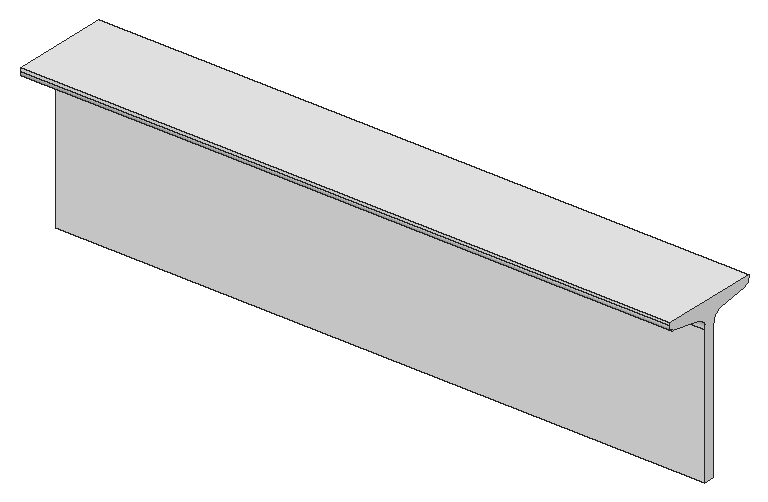
Revit family "M_ST Formas", category Quadro estrutural, Revit 2019
Family settings
  Arredondamento do comprimento do framing estrutural = 0.10 mm
  Forma do corte = Flange inclinado dividido em I
  Material para o comportamento do modelo = Aço
  Exportar sempre como geometria = Não
  Family Name Key = M_ST Shapes
  Nome do código = AISC 14.1
  Número OmniClass = 23.25.30.11.14.14
  Título OmniClass = Beams
  ID de item do Seek = ST-Shapes-0000-CAN-ENU
  Sempre na vertical = Sim
  Corte com vazios quando carregada = Não
  Representação simbólica = Das configurações de projeto
  Compartilhado = Não
  Exibir o pré-corte da família na vista da planta = Sim
Parameters (values of type "ST305X74.5")
  Largura = 184.00 mm
  Espessura da teia = 18.90 mm
  Concordância da teia = 22.1000 mm
  Constante da empena = 5240000000.0 mm6
  Momento de inércia de torção = 1570000.00 mm4
  Structural Material [instance] = Aço, 45-345
  Ângulo inclinado da flange = 9.46234°
  Chave do nome do corte = ""
  Section Area = 9480.0 mm²
  Plastic Modulus weak axis = 197000.0 mm³
  Plastic Modulus strong axis = 778000.0 mm³
  Nominal Weight = 730.59 N/m
  Moment of Inertia weak axis = 986 cm⁴
  Moment of Inertia strong axis = 8950 cm⁴
  Height = 305.00 mm
  Flange Thickness Location = 41.275 mm
  Flange Thickness = 22.1 mm
  Flange Fillet = 11.05 mm
  Elastic Modulus weak axis = 107000.0 mm³
  Elastic Modulus strong axis = 431000.0 mm³
  Centroid Vertical = 207.50 mm
  Centroid Horizontal = Largura / 2  # 92 mm
  Bolt Spacing = 101.6 mm
  Assembly Code = ""
  Length [instance] = 1500.00 mm
Types (2, lengths in mm): name | Largura | Espessura da teia | Concordância da teia | Constante da empena | Momento de inércia de torção | Section Area | Plastic Modulus weak axis | Plastic Modulus strong axis | Nominal Weight | Moment of Inertia weak axis | Moment of Inertia strong axis | Height | Flange Thickness Location | Flange Thickness | Flange Fillet | Elastic Modulus weak axis | Elastic Modulus strong axis | Centroid Vertical | Centroid Horizontal | Bolt Spacing
  ST305X74.5 | 184.00 | 18.90 | 22.1000 | 5240000000.0 mm6 | 1570000.00 mm4 | 9480.0 mm² | 197000.0 mm³ | 778000.0 mm³ | 730.59 N/m | 986 cm⁴ | 8950 cm⁴ | 305.00 | 41.275 | 22.1 | 11.05 | 107000.0 mm³ | 431000.0 mm³ | 207.50 | 92 | 101.6
  ST230X52 | 159.00 | 18.10 | 17.6000 | 1890000000.0 mm6 | 841000.00 mm4 | 6650.0 mm² | 117000.0 mm³ | 411000.0 mm³ | 509.94 N/m | 499 cm⁴ | 3520 cm⁴ | 229.00 | 35.225 | 17.6 | 8.8 | 62900.0 mm³ | 229000.0 mm³ | 154.30 | 79.5 | 88.9
Reference planes
  plane 1 "Centro (Frente/Trás)": y = 0
  plane 2: z = 0
  plane 3 "Centro (Esquerda/Direita)": x = 4.61
  plane 4 "Membro esquerdo": x = -604.99
  plane 5 "Membro direito": x = 614.21
  plane 6: y = 92
  plane 7: y = -92
  plane 8 "Direita": x = 766.61
  plane 9 "Esquerda": x = -733.39
  plane 10: z = 97.5
  plane 11: z = -207.5
  plane 12: y = 9.45
  plane 13: y = -9.45
Forms (mm)
  Sweep 1, solid, material "Aço, 45-345" <- "Structural Material", detail levels fine
    path origin (0, 0, 0) x (1, 0, 0) y (0, 1, 0)
      loop
        line (-604.99, 0) -> (614.21, 0)
    profile "ST-Forma-Perfil-Fino : ST-Forma-Perfil-Fino" origin (4.61, 0, 0) x (0, 1, 0) y (0, 0, 1)
      loop
        line (92, 91.64) -> (92, 97.5) -> (-92, 97.5) -> (-92, 91.64)
        arc (-92, 91.64) -> (-89.381, 84.497) -> (-82.767, 80.74) r 11.05
        line (-82.767, 80.74) -> (-50.725, 75.4) -> (-27.917, 71.599)
        arc (-27.917, 71.599) -> (-14.687, 64.084) -> (-9.45, 49.799) r 22.1
        line (-9.45, 49.799) -> (-9.45, -207.5) -> (9.45, -207.5) -> (9.45, 49.799)
        arc (9.45, 49.799) -> (14.687, 64.084) -> (27.917, 71.599) r 22.1
        line (27.917, 71.599) -> (50.725, 75.4) -> (82.767, 80.74)
        arc (82.767, 80.74) -> (89.381, 84.497) -> (92, 91.64) r 11.05
  Sweep 2, solid, material "Aço, 45-345" <- "Structural Material", detail levels medium
    path origin (0, 0, 0) x (1, 0, 0) y (0, 1, 0)
      loop
        line (-604.99, 0) -> (614.21, 0)
    profile "ST-Forma-Perfil-Médio : ST-Forma-Perfil-Médio" origin (4.61, 0, 0) x (0, 1, 0) y (0, 0, 1)
      loop
        line (92, 82.279) -> (92, 97.5) -> (-92, 97.5) -> (-92, 82.279) -> (-50.725, 75.4) -> (-9.45, 68.521) -> (-9.45, -207.5) -> (9.45, -207.5) -> (9.45, 68.521) -> (50.725, 75.4) -> (92, 82.279)
Lines and regions (mm)
  symbolic lines, style "Faces ocultas", detail levels medium+fine
    curve 1: line (-604.99, 9.45, 0) -> (614.21, 9.45, 0)
    curve 2: line (614.21, -9.45, 0) -> (-604.99, -9.45, 0)
  symbolic lines, style "Símbolos de vara", detail levels coarse
    curve 3: line (-733.39, -92, 97.5) -> (-733.39, 92, 97.5)
    curve 4: line (-733.39, 0, 97.5) -> (-733.39, 0, -207.5)
Dimensions and locks
  "Largura": plane 6 to plane 7
  equal spacing: plane 6, plane 1 "Centro (Frente/Trás)", plane 7
  "Length": plane 9 "Esquerda" to plane 8 "Direita"
  "Height": plane 10 to plane 11
  equal spacing: plane 13, plane 1 "Centro (Frente/Trás)", plane 12
  "Espessura da teia": plane 13 to plane 12
  "Centroid Vertical": level to plane 11
  aligned and locked: curve 4 to plane 1 "Centro (Frente/Trás)"
  aligned and locked: plane 4 "Membro esquerdo" to curve 1
  aligned and locked: plane 5 "Membro direito" to curve 1
  aligned and locked: plane 4 "Membro esquerdo" to curve 2
  aligned and locked: plane 5 "Membro direito" to curve 2
  aligned and locked: plane 4 "Membro esquerdo" to Sweep 1 sketch curve
  aligned and locked: plane 1 "Centro (Frente/Trás)" to Sweep 1 sketch curve
  aligned and locked: plane 5 "Membro direito" to Sweep 1 sketch curve
  aligned and locked: plane 4 "Membro esquerdo" to Sweep 2 sketch curve
  aligned and locked: plane 1 "Centro (Frente/Trás)" to Sweep 2 sketch curve
  aligned and locked: plane 5 "Membro direito" to Sweep 2 sketch curve
  aligned and locked: plane 10 to curve 3
  aligned and locked: plane 12 to curve 1
  aligned and locked: curve 2 to plane 13
  aligned and locked: plane 11 to curve 4
  aligned and locked: plane 10 to curve 4
Automatic sketch dimensions
  curve 3 to plane 6 = 0.00 mm
  curve 3 to plane 7 = 0.00 mm
Types in the file's own list only (26): name | Largura | Espessura da teia | Concordância da teia | Constante da empena | Momento de inércia de torção | Ângulo inclinado da flange | Chave do nome do corte | Área de corte | Eixo fraco do módulo plástico | Eixo forte do módulo plástico | Peso nominal | Eixo fraco do momento de inércia | Eixo forte do momento de inércia | Altura | Localização da espessura do flange | Espessura do flange | Concordância do flange | Eixo fraco do módulo de elasticidade | Eixo forte do módulo de elasticidade | Centróide vertical | Centróide horizontal | Espaçamento do parafuso
  ST305X90 | 204.0000 mm | 20.3000 mm | 27.7000 mm | 7380000000.0 mm6 | 2660000.00 mm4 | 9.46° | "ST 12X60.5" | 11500.0 mm² | 297000.0 mm³ | 893000.0 mm³ | 90.00 kgf/m | 17300000.00 mm4 | 108000000.00 mm4 | 312.0000 mm | 45.9250 mm | 27.7000 mm | 13.8500 mm | 169000.0 mm³ | 493000.0 mm³ | 219.8000 mm | 102.0000 mm | 101.6 mm
  ST305X79 | 200.0000 mm | 15.7000 mm | 27.7000 mm | 4030000000.0 mm6 | 2100000.00 mm4 | 9.46° | "ST 12X53" | 10100.0 mm² | 274000.0 mm³ | 710000.0 mm³ | 79.00 kgf/m | 16000000.00 mm4 | 89900000.00 mm4 | 312.0000 mm | 46.0750 mm | 27.7000 mm | 13.8500 mm | 160000.0 mm³ | 395000.0 mm³ | 228.7000 mm | 100.0000 mm | 101.6 mm
  ST305X67 | 181.0000 mm | 15.9000 mm | 22.1000 mm | 3250000000.0 mm6 | 1250000.00 mm4 | 9.46° | "ST 12X45" | 8520.0 mm² | 184000.0 mm³ | 674000.0 mm³ | 67.00 kgf/m | 9280000.00 mm4 | 79100000.00 mm4 | 305.0000 mm | 41.2750 mm | 22.1000 mm | 11.0500 mm | 103000.0 mm³ | 370000.0 mm³ | 213.6000 mm | 90.5000 mm | 101.6 mm
  ST305X59.5 | 178.0000 mm | 12.7000 mm | 22.1000 mm | 1860000000.0 mm6 | 1020000.00 mm4 | 9.46° | "ST 12X40" | 7550.0 mm² | 170000.0 mm³ | 551000.0 mm³ | 59.50 kgf/m | 8740000.00 mm4 | 67400000.00 mm4 | 305.0000 mm | 41.3250 mm | 22.1000 mm | 11.0500 mm | 98300.0 mm³ | 305000.0 mm³ | 221.2000 mm | 89.0000 mm | 101.6 mm
  ST255X71.5 | 183.0000 mm | 20.3000 mm | 23.4000 mm | 4030000000.0 mm6 | 1730000.00 mm4 | 9.46° | "ST 10X48" | 9100.0 mm² | 205000.0 mm³ | 605000.0 mm³ | 71.50 kgf/m | 10400000.00 mm4 | 59500000.00 mm4 | 259.0000 mm | 40.6750 mm | 23.4000 mm | 11.7000 mm | 114000.0 mm³ | 333000.0 mm³ | 179.5000 mm | 91.5000 mm | 101.6 mm
  ST255X64 | 179.0000 mm | 16.8000 mm | 23.4000 mm | 2460000000.0 mm6 | 1370000.00 mm4 | 9.46° | "ST 10X43" | 8190.0 mm² | 190000.0 mm³ | 510000.0 mm³ | 64.00 kgf/m | 9700000.00 mm4 | 51600000.00 mm4 | 259.0000 mm | 40.5500 mm | 23.4000 mm | 11.7000 mm | 108000.0 mm³ | 282000.0 mm³ | 185.1000 mm | 89.5000 mm | 101.6 mm
  ST255X56 | 162.0000 mm | 16.1000 mm | 20.2000 mm | 1940000000.0 mm6 | 949000.00 mm4 | 9.46° | "ST 10X37.5" | 7100.0 mm² | 137000.0 mm³ | 469000.0 mm³ | 56.00 kgf/m | 6160000.00 mm4 | 45400000.00 mm4 | 254.0000 mm | 36.4750 mm | 20.2000 mm | 10.1000 mm | 75700.0 mm³ | 259000.0 mm³ | 176.0000 mm | 81.0000 mm | 88.9 mm
  ST255X49.1 | 159.0000 mm | 12.8000 mm | 20.2000 mm | 1080000000.0 mm6 | 741000.00 mm4 | 9.46° | "ST 10X33" | 6260.0 mm² | 126000.0 mm³ | 383000.0 mm³ | 49.10 kgf/m | 5700000.00 mm4 | 38700000.00 mm4 | 254.0000 mm | 36.5500 mm | 20.2000 mm | 10.1000 mm | 71900.0 mm³ | 211000.0 mm³ | 182.6000 mm | 79.5000 mm | 88.9 mm
  ST230X40.7 | 152.0000 mm | 11.7000 mm | 17.6000 mm | 607000000.0 mm6 | 483000.00 mm4 | 9.46° | "ST 9X27.35" | 5170.0 mm² | 99300.0 mm³ | 283000.0 mm³ | 40.70 kgf/m | 4330000.00 mm4 | 25900000.00 mm4 | 229.0000 mm | 35.0750 mm | 17.6000 mm | 8.8000 mm | 56500.0 mm³ | 157000.0 mm³ | 165.2000 mm | 76.0000 mm | 88.9 mm
  ST190X37 | 143.0000 mm | 14.0000 mm | 15.8000 mm | 542000000.0 mm6 | 437000.00 mm4 | 9.46° | "ST 7.5X25" | 4740.0 mm² | 81800.0 mm³ | 229000.0 mm³ | 37.00 kgf/m | 3240000.00 mm4 | 16900000.00 mm4 | 191.0000 mm | 32.2500 mm | 15.8000 mm | 7.9000 mm | 45200.0 mm³ | 127000.0 mm³ | 133.8000 mm | 71.5000 mm | 88.9 mm
  ST190X32 | 140.0000 mm | 10.4000 mm | 15.8000 mm | 267000000.0 mm6 | 318000.00 mm4 | 9.46° | "ST 7.5X21.45" | 4060.0 mm² | 74400.0 mm³ | 177000.0 mm³ | 32.00 kgf/m | 2970000.00 mm4 | 13700000.00 mm4 | 191.0000 mm | 32.4000 mm | 15.8000 mm | 7.9000 mm | 42400.0 mm³ | 98200.0 mm³ | 139.9000 mm | 70.0000 mm | 88.9 mm
  ST155X37 | 139.0000 mm | 17.4000 mm | 16.7000 mm | 529000000.0 mm6 | 566000.00 mm4 | 9.46° | "ST 6X25" | 4730.0 mm² | 84600.0 mm³ | 180000.0 mm³ | 37.00 kgf/m | 3240000.00 mm4 | 10400000.00 mm4 | 152.0000 mm | 30.4000 mm | 16.7000 mm | 8.3500 mm | 46500.0 mm³ | 99000.0 mm³ | 105.3000 mm | 69.5000 mm | 76.2 mm
  ST155X30.35 | 133.0000 mm | 11.7000 mm | 16.7000 mm | 211000000.0 mm6 | 350000.00 mm4 | 9.46° | "ST 6X20.4" | 3850.0 mm² | 72600.0 mm³ | 126000.0 mm³ | 30.40 kgf/m | 2810000.00 mm4 | 7870000.00 mm4 | 152.0000 mm | 30.3250 mm | 16.7000 mm | 8.3500 mm | 42100.0 mm³ | 70000.0 mm³ | 111.9000 mm | 66.5000 mm | 76.2 mm
  ST155X26 | 129.0000 mm | 10.9000 mm | 13.8000 mm | 149000000.0 mm6 | 218000.00 mm4 | 9.46° | "ST 6X17.5" | 3300.0 mm² | 55700.0 mm³ | 117000.0 mm³ | 26.00 kgf/m | 2050000.00 mm4 | 7160000.00 mm4 | 152.0000 mm | 29.5250 mm | 13.8000 mm | 6.9000 mm | 31800.0 mm³ | 64700.0 mm³ | 110.1000 mm | 64.5000 mm | 76.2 mm
  ST155X23.65 | 127.0000 mm | 8.8900 mm | 13.8000 mm | 97700000.0 mm6 | 182000.00 mm4 | 9.46° | "ST 6X15.9" | 3000.0 mm² | 52800.0 mm³ | 97300.0 mm³ | 23.70 kgf/m | 1940000.00 mm4 | 6160000.00 mm4 | 152.0000 mm | 29.5275 mm | 13.8000 mm | 6.9000 mm | 30600.0 mm³ | 54100.0 mm³ | 113.6000 mm | 63.5000 mm | 76.2 mm
  ST125X26 | 125.0000 mm | 15.1000 mm | 12.5000 mm | 195000000.0 mm6 | 263000.00 mm4 | 9.46° | "ST 5X17.5" | 3320.0 mm² | 50800.0 mm³ | 108000.0 mm³ | 26.00 kgf/m | 1730000.00 mm4 | 5200000.00 mm4 | 127.0000 mm | 27.4750 mm | 12.5000 mm | 6.2500 mm | 27500.0 mm³ | 59300.0 mm³ | 87.4000 mm | 62.5000 mm | 69.9 mm
  ST125X18.9 | 118.0000 mm | 7.9000 mm | 12.5000 mm | 46500000.0 mm6 | 125000.00 mm4 | 9.46° | "ST 5X12.7" | 2400.0 mm² | 40800.0 mm³ | 60600.0 mm³ | 18.90 kgf/m | 1400000.00 mm4 | 3240000.00 mm4 | 127.0000 mm | 27.5250 mm | 12.5000 mm | 6.2500 mm | 23600.0 mm³ | 33600.0 mm³ | 96.5000 mm | 59.0000 mm | 69.9 mm
  ST100X17 | 106.0000 mm | 11.2000 mm | 10.8000 mm | 45100000.0 mm6 | 113000.00 mm4 | 9.46° | "ST 4X11.5" | 2180.0 mm² | 30200.0 mm³ | 52300.0 mm³ | 17.00 kgf/m | 887000.00 mm4 | 2080000.00 mm4 | 102.0000 mm | 23.7000 mm | 10.8000 mm | 5.4000 mm | 16700.0 mm³ | 28800.0 mm³ | 72.8000 mm | 53.0000 mm | 57.2 mm
  ST100X13.7 | 102.0000 mm | 6.8800 mm | 10.8000 mm | 17200000.0 mm6 | 69500.00 mm4 | 9.46° | "ST 4X9.2" | 1740.0 mm² | 26100.0 mm³ | 33900.0 mm³ | 13.70 kgf/m | 766000.00 mm4 | 1450000.00 mm4 | 102.0000 mm | 23.7800 mm | 10.8000 mm | 5.4000 mm | 15100.0 mm³ | 18700.0 mm³ | 78.1000 mm | 51.0000 mm | 57.2 mm
  ST75X12.85 | 90.7000 mm | 11.8000 mm | 9.1000 mm | 20700000.0 mm6 | 75300.00 mm4 | 9.46° | "ST 3X8.6" | 1630.0 mm² | 19200.0 mm³ | 30300.0 mm³ | 12.90 kgf/m | 475000.00 mm4 | 882000.00 mm4 | 76.2000 mm | 19.7250 mm | 9.1200 mm | 4.5600 mm | 10500.0 mm³ | 16700.0 mm³ | 53.0000 mm | 45.3500 mm | 0.0 mm
  ST75X9.3 | 84.6000 mm | 5.8900 mm | 9.1000 mm | 5290000.0 mm6 | 34500.00 mm4 | 9.46° | "ST 3X6.25" | 1180.0 mm² | 15200.0 mm³ | 16600.0 mm³ | 9.30 kgf/m | 375000.00 mm4 | 524000.00 mm4 | 76.2000 mm | 19.6775 mm | 9.1200 mm | 4.5600 mm | 8870.0 mm³ | 8960.0 mm³ | 58.6000 mm | 42.3000 mm | 0.0 mm
  ST65X7.5 | 76.2000 mm | 5.4400 mm | 8.3000 mm | 2690000.0 mm6 | 23600.00 mm4 | 9.46° | "ST 2.5X5" | 942.0 mm² | 11200.0 mm³ | 10700.0 mm³ | 7.50 kgf/m | 248000.00 mm4 | 279000.00 mm4 | 63.5000 mm | 17.6900 mm | 8.2800 mm | 4.1400 mm | 6520.0 mm³ | 5700.0 mm³ | 49.0000 mm | 38.1000 mm | 0.0 mm
  ST50X7.05 | 71.1000 mm | 8.2800 mm | 7.4000 mm | 2670000.0 mm6 | 24600.00 mm4 | 9.46° | "ST 2X4.75" | 903.0 mm² | 9260.0 mm³ | 9700.0 mm³ | 7.05 kgf/m | 185000.00 mm4 | 192000.00 mm4 | 50.8000 mm | 15.7050 mm | 7.4400 mm | 3.7200 mm | 5190.0 mm³ | 5230.0 mm³ | 36.8000 mm | 35.5500 mm | 0.0 mm
  ST50X5.75 | 67.6000 mm | 4.9000 mm | 7.4000 mm | 1230000.0 mm6 | 15200.00 mm4 | 9.46° | "ST 2X3.85" | 729.0 mm² | 7950.0 mm³ | 6240.0 mm³ | 5.75 kgf/m | 156000.00 mm4 | 128000.00 mm4 | 50.8000 mm | 15.6750 mm | 7.4400 mm | 3.7200 mm | 4600.0 mm³ | 3240.0 mm³ | 39.4000 mm | 33.8000 mm | 0.0 mm
  ST37.5X5.6 | 63.8000 mm | 8.8600 mm | 6.6000 mm | 1330000.0 mm6 | 18000.00 mm4 | 9.46° | "ST 1.5X3.75" | 710.0 mm² | 6740.0 mm³ | 5750.0 mm³ | 5.60 kgf/m | 120000.00 mm4 | 83200.00 mm4 | 38.1000 mm | 13.7350 mm | 6.6000 mm | 3.3000 mm | 3770.0 mm³ | 3060.0 mm³ | 27.1000 mm | 31.9000 mm | 0.0 mm
  ST37.5X4.25 | 59.2000 mm | 4.3200 mm | 6.6000 mm | 508000.0 mm6 | 8990.00 mm4 | 9.46° | "ST 1.5X2.85" | 535.0 mm² | 5370.0 mm³ | 3210.0 mm³ | 4.25 kgf/m | 92800.00 mm4 | 47500.00 mm4 | 38.1000 mm | 13.7200 mm | 6.6000 mm | 3.3000 mm | 3150.0 mm³ | 1590.0 mm³ | 29.7400 mm | 29.6000 mm | 0.0 mm
